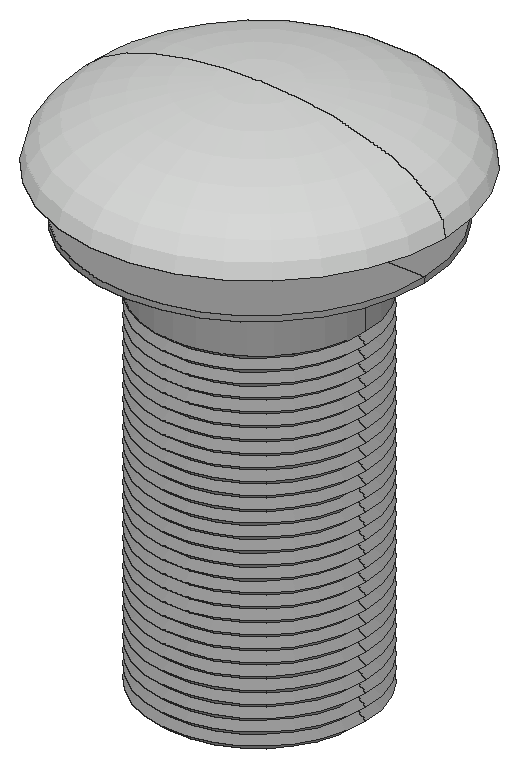
Revit family "BUILDMAT-POPAVMAR-32MM_Pop_Up_Waste-Arabescato_Vagli", category Plumbing Fixtures, Revit 2026
Family settings
  Round Connector Dimension = Use Diameter
  Part Type = Normal
  Work Plane-Based = Yes
  Enable Cutting in Views = Yes
  Always vertical = Yes
  Cut with Voids When Loaded = Yes
  Maintain Annotation Orientation = No
  Shared = No
  Room Calculation Point = No
Parameters
  Width = 70 mm
  PopUp_Material = BM_ARABESCATO VAGLI
  MainBody_Material = BM_STAINLESS STEEL
  Lock_Material = BM_BRASS GOLD
  Depth = 70 mm
  Default Elevation = 1219.2 mm
Reference planes
  plane 1 "Center (Front/Back)": y = 0
  plane 2: z = 0
  plane 3 "Center (Left/Right)": x = 0
  plane 4: z = 1
  plane 5: z = -5
  plane 6: z = -12
  plane 7: z = -78.68
  plane 8: z = 6
  plane 9: z = 9
  plane 10: z = 22.977
  plane 11: x = 35
  plane 12: x = -35
  plane 13: y = 35
  plane 14: y = -35
Forms (mm)
  Revolve 1, solid, material "BM_STAINLESS STEEL" <- "MainBody_Material"
    sketch origin (0, 0, -0.397) x (1, 0, 0) y (0, 0, 1)
      loop
        line (0, 1.248) -> (0, -11.603) -> (-20.005, -11.603) -> (-20.005, -3.848)
        arc (-20.005, -3.848) -> (-20.487, -2.811) -> (-21.458, -2.207) r 2
        line (-21.458, -2.207) -> (-31.017, 0.397) -> (-31.017, 1.397) -> (0, 1.397)
      axis (0, 1.397) -> (0, -11.603)
    angle from 0 to 360
  Revolve 2, solid, material "BM_STAINLESS STEEL" <- "MainBody_Material"
    sketch origin (0, 0, -4.369) x (1, 0, 0) y (0, 0, 1)
      loop
        line (0, -7.631) -> (-19.969, -7.631) -> (-18.48, -8.794) -> (-19.975, -9.962) -> (-18.48, -11.131) -> (-19.975, -12.299) -> (-18.48, -13.467) -> (-19.975, -14.635) -> (-18.48, -15.803) -> (-19.975, -16.971) -> (-18.48, -18.139) -> (-19.975, -19.308) -> (-18.48, -20.476) -> (-19.975, -21.644) -> (-18.48, -22.812) -> (-19.975, -23.98) -> (-18.48, -25.148) -> (-19.975, -26.316) -> (-18.48, -27.485) -> (-19.975, -28.653) -> (-18.48, -29.821) -> (-19.975, -30.989) -> (-18.48, -32.157) -> (-19.975, -33.325) -> (-18.48, -34.493) -> (-19.975, -35.662) -> (-18.48, -36.83) -> (-19.975, -37.998) -> (-18.48, -39.166) -> (-19.975, -40.334) -> (-18.48, -41.502) -> (-19.975, -42.67) -> (-18.48, -43.839) -> (-19.975, -45.007) -> (-18.48, -46.175) -> (-19.975, -47.343) -> (-18.48, -48.511) -> (-19.975, -49.679) -> (-18.48, -50.847) -> (-19.975, -52.016) -> (-18.48, -53.184) -> (-19.975, -54.352) -> (-18.48, -55.52) -> (-19.975, -56.688) -> (-18.48, -57.856) -> (-19.975, -59.024) -> (-18.48, -60.193) -> (-19.975, -61.361) -> (-18.48, -62.529) -> (-19.975, -63.697) -> (-18.48, -64.865) -> (-19.975, -66.033) -> (-18.48, -67.201) -> (-19.975, -68.369) -> (-18.48, -69.538) -> (-19.975, -70.706) -> (-18.48, -71.874) -> (-19.975, -73.042) -> (-18.351, -74.311) -> (0, -74.311) -> (0, -7.631)
      axis (0, -7.631) -> (0, -74.311)
    angle from 0 to 360
  Extrusion 3, solid, material "BM_BRASS GOLD" <- "Lock_Material"
    sketch origin (0, 0, 0) x (1, 0, 0) y (0, 1, 0)
      loop
        circle (0, 0) r 14.5
    from 1 to 6
  Revolve 4, solid, material "BM_ARABESCATO VAGLI" <- "PopUp_Material"
    sketch origin (0, 0, 8.488) x (1, 0, 0) y (0, 0, 1)
      loop
        arc (-19.017, 0.512) -> (-18.008, -0.858) -> (-17.517, -2.488) r 5
        line (-17.517, -2.488) -> (0, -2.488) -> (0, 0.512) -> (0, 14.512)
        spline (0, 14.512) -> (-4.569, 14.392) -> (-9.06, 14.034) -> (-13.395, 13.445) -> (-17.501, 12.635) -> (-21.308, 11.617) -> (-24.75, 10.41) -> (-27.768, 9.033) -> (-30.311, 7.51) -> (-32.336, 5.868) -> (-33.808, 4.135) -> (-34.701, 2.339) -> (-35, 0.512)
        line (-35, 0.512) -> (-19.017, 0.512)
      axis (0, 14.512) -> (0, -2.488)
    angle from 0 to 360
Text (mm)
  text "Refer to www.buildmat.com.au for the most current product literature. \nAllow a +/- 5mm tolerance for dimensions shown in the product literature. \nPlease note product details are subject to change due to ongoing product development." at (-1.255, -131.559, 0), in view "Ref. Level"
Dimensions and locks
  plane 4 to plane 7 = 79.68 mm
  "Depth": plane 13 to plane 14
  equal spacing: plane 13, plane 1 "Center (Front/Back)", plane 14
  "Width": plane 12 to plane 11
  equal spacing: plane 12, plane 3 "Center (Left/Right)", plane 11
  aligned and locked: level to plane 2
Automatic sketch dimensions
  Revolve 1 sketch curve to level = 0 mm
  Revolve 1 sketch curve to plane 4 = 0 mm
  Revolve 1 sketch curve to plane 6 = 0 mm  (x2)
  Revolve 1 sketch curve to plane 3 "Center (Left/Right)" = 0 mm  (x3)
  plane 5 to Revolve 1 sketch curve = 0.755 mm
  plane 12 to Revolve 1 sketch curve = 14.995 mm
  plane 5 to Revolve 1 sketch curve = 2.396 mm
  Revolve 1 sketch curve to Revolve 1 sketch curve = 1.453 mm
  plane 5 to Revolve 1 sketch curve = 0.466 mm
  plane 12 to Revolve 1 sketch curve = 3.983 mm
  Revolve 1 sketch curve to plane 4 = 0.149 mm
  Revolve 1 sketch curve to Revolve 1 sketch curve = 0.245 mm
  Revolve 2 sketch curve to plane 6 = 0 mm
  Revolve 2 sketch curve to plane 7 = 0 mm
  Revolve 2 sketch curve to plane 3 "Center (Left/Right)" = 0 mm  (x2)
  plane 12 to Revolve 2 sketch curve = 16.649 mm
  plane 12 to Revolve 2 sketch curve = 16.52 mm
  Revolve 2 sketch curve to Revolve 2 sketch curve = 0.129 mm
  Revolve 2 sketch curve to Revolve 2 sketch curve = 0 mm  (x26)
  plane 7 to Revolve 2 sketch curve = 7.11 mm
  plane 7 to Revolve 2 sketch curve = 4.773 mm
  plane 7 to Revolve 2 sketch curve = 2.437 mm
  Revolve 2 sketch curve to plane 6 = 1.163 mm
  Revolve 2 sketch curve to plane 6 = 3.499 mm
  Revolve 2 sketch curve to plane 6 = 5.836 mm
  Revolve 2 sketch curve to plane 6 = 8.172 mm
  Revolve 2 sketch curve to Revolve 2 sketch curve = 1.489 mm
  Revolve 2 sketch curve to Revolve 2 sketch curve = 1.495 mm  (x28)
  Revolve 2 sketch curve to plane 6 = 7.004 mm
  Revolve 2 sketch curve to plane 6 = 4.667 mm
  Revolve 2 sketch curve to plane 6 = 2.331 mm
  plane 7 to Revolve 2 sketch curve = 3.605 mm
  plane 7 to Revolve 2 sketch curve = 5.941 mm
  plane 7 to Revolve 2 sketch curve = 1.269 mm
  Revolve 2 sketch curve to Revolve 2 sketch curve = 1.168 mm  (x43)
  Revolve 2 sketch curve to Revolve 2 sketch curve = 0.1 mm
  Revolve 2 sketch curve to Revolve 2 sketch curve = 0.211 mm
  plane 1 "Center (Front/Back)" to Extrusion 3 sketch curve = 0 mm
  Extrusion 3 sketch curve to plane 3 "Center (Left/Right)" = 0 mm
  Revolve 4 sketch curve to plane 9 = 0 mm  (x2)
  Revolve 4 sketch curve to plane 12 = 0 mm
  Revolve 4 sketch curve to plane 8 = 0 mm
  Revolve 4 sketch curve to plane 3 "Center (Left/Right)" = 0 mm  (x2)
  Revolve 4 sketch curve to plane 8 = 0.607 mm
  plane 12 to Revolve 4 sketch curve = 12.52 mm
  Revolve 4 sketch curve to Revolve 4 sketch curve = 3.463 mm
  plane 10 to Revolve 4 sketch curve = 0.023 mm
  plane 3 "Center (Left/Right)" to Revolve 4 sketch curve = 0.017 mm
  Revolve 4 sketch curve to Revolve 4 sketch curve = 0.512 mm
  Revolve 4 sketch curve to Revolve 4 sketch curve = 0.001 mm
  radius of Extrusion 3 sketch curve = 14.5 mm
